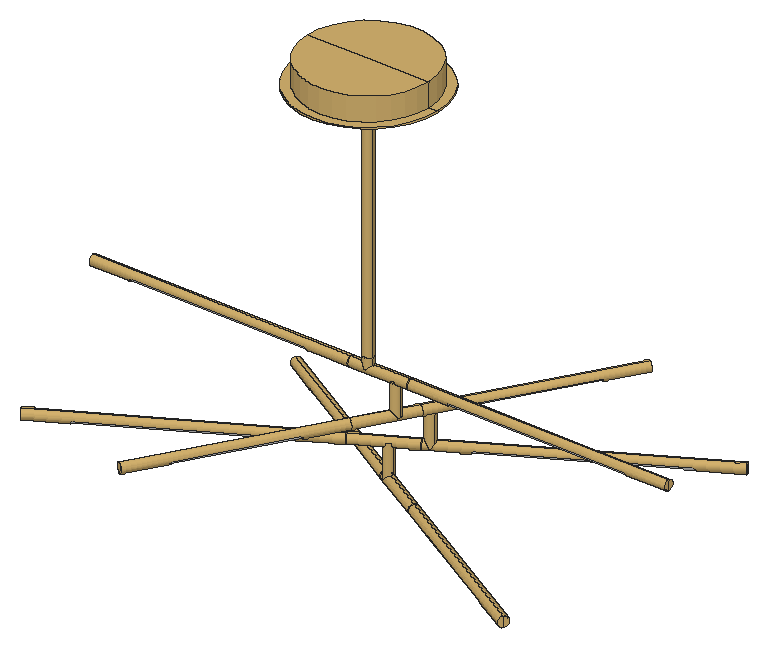
Revit family "3-804-XX PALILLO PENDANT", category Luminarias, Revit 2021
Family settings
  Anfitrión = Techo
  Cota de conector redondo = Diámetro de uso
  Tipo de pieza = Normal
  Número OmniClass = 23.80.70.11
  Título OmniClass = Luminaries for Internal Lighting
  Siempre vertical = Sí
  Corte con vacíos al cargar = No
  Origen de luz = Sí
  Compartido = No
  Punto de cálculo de habitación = No
Parameters (values of type "3-804-40 / Aged Brass - Matte White Acrylic")
  Elevación por defecto = 0"
  Comentarios de vataje = "6 x 8.5 W at 120 V"  # constant formula
  Wattage = 9.2903 W
  built-in parameter 1150110 = 1 (stored number, unit not read)
  Voltage Input = "120 V or 277 V - 50/60 Hz"  # constant formula
  Voltage = 120 V
  URL = "www.oxygenlighting.com"
  built-in parameter 1114217 = 1 (stored number, unit not read)
  built-in parameter 1150109 = 1 (stored number, unit not read)
  built-in parameter 1150134 = (empty or 0)
  built-in parameter 1150113 = 1 (stored number, unit not read)
  References = "Ref. 3 = 120 V / Ref. 37 = 277 V"  # constant formula
  Pendant height = 23"
  Modelo = "3-804-xx / Palillo Pendant"  # constant formula
  Metal Finish = 40 - Aged Brass
  Fabricante = "Oxygen Lighting and Fans"  # constant formula
  Lumens = 1380 lm
  built-in parameter 1150115 = 1 (stored number, unit not read)
  built-in parameter 1150105 = 109.82 (stored number, unit not read)
  Light Source Symbol Size = 24"
  built-in parameter 1150137 = (empty or 0)
  built-in parameter 1150139 = (empty or 0)
  built-in parameter 1150112 = 1 (stored number, unit not read)
  built-in parameter 1150114 = 1 (stored number, unit not read)
  Lámpara = "LED Array"  # constant formula
  built-in parameter 1150132 = 2
  built-in parameter 1150102 = (empty or 0)
  built-in parameter 1150138 = (empty or 0)
  built-in parameter 1150107 = 3000 (stored number, unit not read)
  built-in parameter 1150106 = 1.0982 (stored number, unit not read)
  built-in parameter 1150104 = 13.8 (stored number, unit not read)
  Dimming Lamp Color Temperature Shift = (empty or 0)
  Diffusers = Matte White Acrylic
  Color Filter = 16777215
  built-in parameter 1114218 = 1 (stored number, unit not read)
  built-in parameter 1150133 = 10 (stored number, unit not read)
Types (2): name | Metal Finish
  3-804-15 / Black - Matte White Acrylic | 15 - Black
  3-804-40 / Aged Brass - Matte White Acrylic | 40 - Aged Brass
Reference planes (in)
  plane 1 "Light Source Axis (F/B)": y = 0
  plane 2: z = 0
  plane 3 "Light Source Axis (L/R)": x = 0
  plane 4 "Ceiling": z = 157.48031
  plane 5 "Light Source Elevation": z = 134.48031
  plane 6: z = 140.18289
  plane 7: z = 155.90551
Forms (in)
  Revolve 1, solid, material "40 - Aged Brass" <- "Metal Finish"
    sketch origin (0, 0, 0) x (1, 0, 0) y (0, 0, 1)
      loop
        line (-0.31496, 155.59055) -> (-0.31496, 140.18289) -> (0, 140.18289) -> (0, 155.59055) -> (-0.31496, 155.59055)
      axis (0, 140.18289) -> (0, 155.59055)
    angle from 0 to 360
Dimensions and locks (in)
  equal spacing: host sketch curve, plane 3 "Light Source Axis (L/R)", host sketch curve
  equal spacing: host sketch curve, plane 1 "Light Source Axis (F/B)", host sketch curve
  host sketch curve to host sketch curve = 157.48031"  (x2)
  plane 4 "Ceiling" to host ceiling = 0"
  locked: plane 7 to plane 4 "Ceiling" at 1.5748
  "Pendant height": plane 5 "Light Source Elevation" to plane 4 "Ceiling"
  locked: plane 5 "Light Source Elevation" to plane 6 at 5.70258
  aligned and locked: plane 3 "Light Source Axis (L/R)" to imposter light
  aligned and locked: plane 1 "Light Source Axis (F/B)" to imposter light
  aligned and locked: plane 5 "Light Source Elevation" to imposter light
  aligned and locked: plane 1 "Light Source Axis (F/B)" to nested 2
  aligned and locked: plane 3 "Light Source Axis (L/R)" to nested 1
  aligned and locked: plane 1 "Light Source Axis (F/B)" to nested 1
  aligned and locked: nested 1 to plane 4 "Ceiling"
  aligned and locked: plane 6 to nested 2
  aligned and locked: Revolve 1 to nested 1
  aligned and locked: Revolve 1 to plane 6
Automatic sketch dimensions
  Revolve 1 sketch curve to plane 3 "Light Source Axis (L/R)" = 0"  (x2)
  Revolve 1 sketch curve to Revolve 1 sketch curve = 0.31496"
  Revolve 1 sketch curve to plane 7 = 15.72262"
  Revolve 1 sketch curve to plane 7 = 0.31496"
  Revolve 1 sketch curve to level = 14.10347"
  Revolve 1 sketch curve to plane 4 "Ceiling" = 14.25924"
Nested families (in)
  nested 1: "Family5" at (0, 0, 157.48031), type "Family5"
  nested 2: "Family6" at (0.9642, 0, 139.45606), type "Family6"
Connectors (in)
  electrical at (0, 0, 157.48031), driven by "Voltage"
    settings: on nested 1, index 1, voltage 120 V, apparent load 0 VA, apparent load phase1 0 VA, apparent load phase2 0 VA, apparent load phase3 0 VA, power factor 1, load classification "Other", number of poles 1, system type 31, power factor state 1, is connector primary yes, connector utility no, sub classification motor no, connector description ""
Definition of nested family "Family5"
  Parameters (values of type "Family5")
    Metal Finish = none
    Default Elevation = 0"
  Reference planes (in)
    plane 1 "Center (Front/Back)": y = 0
    plane 2: z = 0
    plane 3 "Center (Left/Right)": x = 0
  Forms (in)
    Revolve 1, solid, material <- "Metal Finish"
      sketch origin (0, 0, -157.48031) x (1, 0, 0) y (0, 0, 1)
        loop
          line (0, 157.48031) -> (0, 155.90551) -> (0, 155.59055) -> (0.31496, 155.59055) -> (0.3937, 155.66929) -> (0.3937, 155.90551) -> (4.52756, 155.90551) -> (4.52756, 155.98425) -> (3.93701, 155.98425) -> (3.93701, 157.48031) -> (0, 157.48031)
        axis (0, 155.59055) -> (0, 157.48031)
      angle from 0 to 360
  Dimensions and locks (in)
    aligned and locked: level to plane 2
Definition of nested family "Family6"
  Parameters (values of type "Family6")
    Metal Finish = none
    Default Elevation = 0"
    Diffusers = none
  Reference planes (in)
    plane 1 "Center (Front/Back)": y = 0
    plane 2: z = 0
    plane 3 "Center (Left/Right)": x = 0
  Forms (in)
    Revolve 1, solid, material <- "Metal Finish"
      sketch origin (-0.13459, 0, -0.05736) x (1, 0, 0) y (0, 0, 1)
        loop
          line (1.28407, 0.00761) -> (0.96911, 0.00761) -> (0.96911, -2.11293) -> (1.28407, -2.11293) -> (1.28407, 0.00761)
        axis (0.96911, 0.00761) -> (0.96911, -2.11293)
      angle from 0 to 360
    Revolve 2, solid, material <- "Metal Finish"
      sketch origin (0.79249, 1.64159, -0.13805) x (1, 0, 0) y (0, 0, 1)
        loop
          line (1.28407, -2.15139) -> (0.96911, -2.15139) -> (0.96911, -4.22941) -> (1.28407, -4.22941) -> (1.28407, -2.15139)
        axis (0.96911, -2.15139) -> (0.96911, -4.22941)
      angle from 0 to 360
    Revolve 3, solid, material <- "Metal Finish"
      sketch origin (-1.93331, 0, 2.2901) x (1, 0, 0) y (0, 0, 1)
        loop
          line (1.28407, -1.56327) -> (0.96911, -1.56327) -> (0.96911, -2.24396) -> (1.28407, -2.24396) -> (1.28407, -1.56327)
        axis (0.96911, -1.56327) -> (0.96911, -2.24396)
      angle from 0 to 360
    Revolve 4, solid, material <- "Metal Finish"
      sketch origin (-1.05595, 0.55699, -4.21077) x (1, 0, 0) y (0, 0, 1)
        loop
          line (1.28407, 0.00761) -> (0.96911, 0.00761) -> (0.96911, -2.11293) -> (1.28407, -2.11293) -> (1.28407, 0.00761)
        axis (0.96911, 0.00761) -> (0.96911, -2.11293)
      angle from 0 to 360
  Dimensions and locks (in)
    aligned and locked: level to plane 2
  Nested families (in)
    nested 1: "Family1" at (-0.13951, 0, 0), type "Family1"
      with Lenght 37 7/16"
    nested 2: "Family1" at (-0.3022, 0.47598, -4.25197) x (0.8669, 0.4985, 0) z (0, 0, 1), type "Family1"
      with Lenght 37 41/128"
    nested 3: "Family1" at (0.5227, -0.5225, -2.12598) x (0.5, 0.866, 0) z (0, 0, 1), type "Family1"
      with Lenght 28.9044"
    nested 4: "Family1" at (1.27837, -0.23535, -6.36121) x (0.8661, -0.4999, 0) z (0, 0, 1), type "Family1"
      with Lenght 28.90272"
  Definition of nested family "Family1"
    Parameters (values of type "Family1")
      Met = none
      Lenght [instance] = 32.2229"
      Default Elevation = 0"
      Diffuser = none
    Reference planes (in)
      plane 1 "Center (Front/Back)": y = 0
      plane 2: z = 0
      plane 3 "Center (Left/Right)": x = 0
      plane 4: x = -16.11145
      plane 5: x = 16.11145
      plane 6: x = -1.93822
      plane 7: x = 1.93822
    Forms (in)
      Revolve 1, solid, material <- "Met"
        sketch origin (0, 0, 0) x (1, 0, 0) y (0, 0, 1)
          loop
            line (-16.11145, 0) -> (-1.93822, 0) -> (-1.93822, 0.31496) -> (-16.11145, 0.31496) -> (-16.11145, 0)
          axis (-16.11145, 0) -> (-1.93822, 0)
        angle from 0 to 360
      Revolve 2, solid, material <- "Diffuser"
        sketch origin (0, 0, 0) x (1, 0, 0) y (0, 0, 1)
          loop
            line (-16.11145, 0) -> (-1.93822, 0) -> (-1.93822, 0.31496) -> (-16.11145, 0.31496) -> (-16.11145, 0)
          axis (-16.11145, 0) -> (-1.93822, 0)
        angle from 0 to 360
      Extrusion 3, void
        sketch origin (0, 0, 0) x (1, 0, 0) y (0, 0, 1)
          loop
            arc (-4.49727, -0.31496) -> (-4.57511, -0.12705) -> (-4.76302, -0.04921) r 0.26575
            line (-4.76302, -0.04921) -> (-13.28664, -0.04921)
            arc (-13.28664, -0.04921) -> (-13.47456, -0.12705) -> (-13.55239, -0.31496) r 0.26575
            line (-13.55239, -0.31496) -> (-4.49727, -0.31496)
        from -0.36407 to 0.35552
      Extrusion 4, void
        sketch origin (0, 0, 0) x (1, 0, 0) y (0, 0, 1)
          loop
            line (-13.28664, -0.04921) -> (-4.76302, -0.04921)
            arc (-4.76302, -0.04921) -> (-4.57511, -0.12705) -> (-4.49727, -0.31496) r 0.26575
            line (-4.49727, -0.31496) -> (-1.93822, -0.31496) -> (-1.93822, 0.31496) -> (-16.11145, 0.31496) -> (-16.11145, -0.31496) -> (-13.55239, -0.31496)
            arc (-13.55239, -0.31496) -> (-13.47456, -0.12705) -> (-13.28664, -0.04921) r 0.26575
        from -0.36407 to 0.35552
      Revolve 5, solid, material <- "Met"
        sketch origin (0, 0, 0) x (-1, 0, 0) y (0, 0, 1)
          loop
            line (-16.11145, 0) -> (-1.93822, 0) -> (-1.93822, 0.31496) -> (-16.11145, 0.31496) -> (-16.11145, 0)
          axis (-16.11145, 0) -> (-1.93822, 0)
        angle from 0 to 360
      Revolve 6, solid, material <- "Diffuser"
        sketch origin (0, 0, 0) x (-1, 0, 0) y (0, 0, 1)
          loop
            line (-16.11145, 0) -> (-1.93822, 0) -> (-1.93822, 0.31496) -> (-16.11145, 0.31496) -> (-16.11145, 0)
          axis (-16.11145, 0) -> (-1.93822, 0)
        angle from 0 to 360
      Extrusion 7, void
        sketch origin (0, 0, 0) x (-1, 0, 0) y (0, 0, -1)
          loop
            line (-4.49727, 0.31496) -> (-13.55239, 0.31496)
            arc (-13.55239, 0.31496) -> (-13.47456, 0.12705) -> (-13.28664, 0.04921) r 0.26575
            line (-13.28664, 0.04921) -> (-4.76302, 0.04921)
            arc (-4.76302, 0.04921) -> (-4.57511, 0.12705) -> (-4.49727, 0.31496) r 0.26575
        from -0.36407 to 0.35552
      Extrusion 8, void
        sketch origin (0, 0, 0) x (-1, 0, 0) y (0, 0, -1)
          loop
            arc (-13.28664, 0.04921) -> (-13.47456, 0.12705) -> (-13.55239, 0.31496) r 0.26575
            line (-13.55239, 0.31496) -> (-16.11145, 0.31496) -> (-16.11145, -0.31496) -> (-1.93822, -0.31496) -> (-1.93822, 0.31496) -> (-4.49727, 0.31496)
            arc (-4.49727, 0.31496) -> (-4.57511, 0.12705) -> (-4.76302, 0.04921) r 0.26575
            line (-4.76302, 0.04921) -> (-13.28664, 0.04921)
        from -0.36407 to 0.35552
      Revolve 9, solid, material <- "Met"
        sketch origin (0, 0, 0) x (1, 0, 0) y (0, 0, 1)
          loop
            line (1.93822, 0) -> (1.93822, 0.31496) -> (-1.93822, 0.31496) -> (-1.93822, 0) -> (1.93822, 0)
          axis (-1.93822, 0) -> (1.93822, 0)
        angle from 0 to 360
    Cuts and joins
      Extrusion 3 cuts Revolve 1
      Extrusion 4 cuts Revolve 2
      Extrusion 7 cuts Revolve 5
      Extrusion 8 cuts Revolve 6
    Dimensions and locks (in)
      equal spacing: plane 5, plane 3 "Center (Left/Right)", plane 4
      plane 6 to plane 3 "Center (Left/Right)" to plane 7 = 1.93822" locked, 1.93822" locked
      locked: Extrusion 8 sketch curve to plane 7 at 2.8248
      locked: Extrusion 8 sketch curve to plane 5 at 2.8248
      locked: Extrusion 7 sketch curve to plane 5 at 2.8248
      locked: Extrusion 7 sketch curve to plane 7 at 2.8248
      locked: plane 4 to Extrusion 4 sketch curve at 2.8248
      locked: Extrusion 4 sketch curve to plane 6 at 2.8248
      locked: Extrusion 3 sketch curve to plane 6 at 2.8248
      locked: plane 4 to Extrusion 3 sketch curve at 2.8248
      "Lenght": plane 4 to plane 5
      aligned and locked: level to plane 2
      aligned and locked: plane 4 to Revolve 1
      aligned and locked: plane 6 to Revolve 1
      aligned and locked: plane 5 to cut or joined group of Revolve 5, Extrusion 7
      aligned and locked: cut or joined group of Revolve 5, Extrusion 7 to plane 7
      aligned and locked: plane 7 to Extrusion 8 sketch curve
      aligned and locked: plane 5 to Extrusion 8 sketch curve
      aligned and locked: plane 4 to cut or joined group of Revolve 2, Extrusion 4
      aligned and locked: plane 6 to cut or joined group of Revolve 2, Extrusion 4
      aligned and locked: cut or joined group of Revolve 6, Extrusion 8 to plane 7
      aligned and locked: plane 5 to cut or joined group of Revolve 6, Extrusion 8
      aligned and locked: Revolve 9 sketch curve to plane 6
      aligned and locked: Revolve 9 sketch curve to plane 7
    Automatic sketch dimensions
      Revolve 1 sketch curve to level = 0"  (x2)
      plane 4 to Revolve 1 sketch curve = 0"
      plane 6 to Revolve 1 sketch curve = 0"
      level to Revolve 1 sketch curve = 0.31496"
      Revolve 1 sketch curve to Revolve 1 sketch curve = 2.3622"
      Revolve 1 sketch curve to plane 5 = 5.27665"
      Revolve 2 sketch curve to level = 0"  (x2)
      plane 4 to Revolve 2 sketch curve = 0"
      Revolve 2 sketch curve to plane 6 = 0"
      level to Revolve 2 sketch curve = 0.31496"
      Revolve 2 sketch curve to Revolve 2 sketch curve = 2.3622"
      Revolve 2 sketch curve to plane 5 = 5.27665"
      Extrusion 3 sketch curve to level = 0.31496"
      Extrusion 3 sketch curve to Extrusion 3 sketch curve = 0.26575"
      plane 4 to Extrusion 4 sketch curve = 0"
      plane 6 to Extrusion 4 sketch curve = 0"
      Extrusion 4 sketch curve to level = 0.31496"
      Extrusion 4 sketch curve to level = 0.04921"
      Extrusion 4 sketch curve to Extrusion 4 sketch curve = 0.26575"
      level to Extrusion 4 sketch curve = 0.31496"
      Revolve 5 sketch curve to level = 0"  (x2)
      Revolve 5 sketch curve to plane 5 = 0"
      Revolve 5 sketch curve to plane 7 = 0"
      Revolve 5 sketch curve to Revolve 5 sketch curve = 0.31496"
      Revolve 5 sketch curve to Revolve 5 sketch curve = 2.3622"
      Revolve 5 sketch curve to plane 4 = 5.27665"
      Revolve 6 sketch curve to level = 0"  (x2)
      plane 5 to Revolve 6 sketch curve = 0"
      plane 7 to Revolve 6 sketch curve = 0"
      Revolve 6 sketch curve to Revolve 6 sketch curve = 0.31496"
      Revolve 6 sketch curve to Revolve 6 sketch curve = 2.3622"
      Revolve 6 sketch curve to plane 4 = 5.27665"
      Extrusion 7 sketch curve to level = 0.31496"
      Extrusion 7 sketch curve to Extrusion 7 sketch curve = 0.26575"
      Extrusion 8 sketch curve to level = 0.31496"
      Extrusion 8 sketch curve to level = 0.04921"
      Extrusion 8 sketch curve to Extrusion 8 sketch curve = 0.26575"
      level to Extrusion 8 sketch curve = 0.31496"
      Revolve 9 sketch curve to level = 0"  (x2)
      level to Revolve 9 sketch curve = 0.31496"
      plane 6 to Revolve 9 sketch curve = 0.59055"
      plane 7 to Revolve 9 sketch curve = 0.84797"
